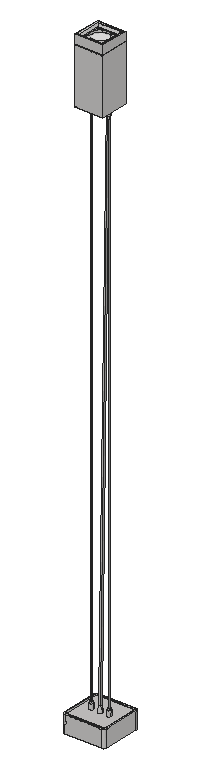
Revit family "CLighting-Luminii-Leto_44_P_LRG", category Lighting Fixtures, host Face, Revit 2020
Family settings
  Host = Face
  Round Connector Dimension = Use Diameter
  Part Type = Normal
  OmniClass Number = 23.80.70.11.14.11
  OmniClass Title = Downlights
  Cut with Voids When Loaded = No
  Light Source = Yes
  Shared = Yes
  Room Calculation Point = No
Parameters (values of type "Leto 44 P LRG")
  Width = 0' - 3 189/256"  # constant formula
  Wattage Comments = "6.5W"
  Wattage = 6.49954 W
  Warranty URL = "https://www.luminii.com/terms-conditions/"
  built-in parameter 1150110 = 1 (stored number, unit not read)
  Voltage Comments = "120V | 277V | 347V"  # constant formula
  Voltage = 120 V
  Version = "2020 - v1.0a"  # constant formula
  URL = "https://www.luminii.com/"
  built-in parameter 1114217 = 1 (stored number, unit not read)
  Tilt Angle = -90.00°  # constant formula
  built-in parameter 1150109 = 1 (stored number, unit not read)
  built-in parameter 1150134 = (empty or 0)
  built-in parameter 1150113 = 1 (stored number, unit not read)
  Support Phone = "224-699-9545"  # constant formula
  Support Email = "mailto:support@bimsmith.com"
  Product Page URL = "https://www.luminii.com/product/leto-44-p-lrg/"
  Power Source Type = "Driver"  # constant formula
  Power Factor = 1
  Photometric Web File = "702-A90-615-35-07-00.ies"
  Phase = 1
  Operating Temperature = "Consult Manufacturer Website for more Information"  # constant formula
  Number of Poles = if(and(or(Voltage = 120 V, Voltage = 277 V), Phase = 1), 1, if(and(or(Voltage = 208 V, Voltage = 240 V), Phase = 1), 2, if(and(or(Voltage = 208 V, Voltage = 240 V), Phase = 3), 3, if(and(Voltage > 300 V, Phase = 1), 2, if(and(Voltage > 400 V, Phase = 3), 3, 1)))))  # 1
  Mounting Method = "Ceiling Mount"  # constant formula
  Model = "702"  # constant formula
  Manufacturer Phone Number = "403-216-7043"  # constant formula
  Manufacturer Email = "mailto: info@sensolighting.com"
  Manufacturer Address = "302 50 Ave SE. Calgary, Alberta, T2G 2A9 Canada"  # constant formula
  Manufacturer = "Luminii"  # constant formula
  built-in parameter 1150105 = 55.704 (stored number, unit not read)
  Lumens = 700 lm
  Luminaire Type = "Pendant LED Downlight"  # constant formula
  built-in parameter 1150115 = 1 (stored number, unit not read)
  Load Classification = Lighting
  built-in parameter 1150137 = (empty or 0)
  built-in parameter 1150139 = (empty or 0)
  Lens Material = Plastic - Luminii - Frosted Lens
  Length [instance] = 0' - 8 169/256"  # constant formula
  built-in parameter 1150112 = 1 (stored number, unit not read)
  built-in parameter 1150114 = 1 (stored number, unit not read)
  Lamp Life = 1
  Lamp = "LED"  # constant formula
  Keynote = "26 50 00"
  built-in parameter 1150132 = 2
  built-in parameter 1150102 = (empty or 0)
  built-in parameter 1150107 = 3500 (stored number, unit not read)
  Initial Color Comments = "Perfomance based on 3500K Photometric Web File"  # constant formula
  built-in parameter 1150138 = (empty or 0)
  built-in parameter 1150106 = 0.55704 (stored number, unit not read)
  Housing Protection Rating = "Consult Manufacturer Website for more Information"  # constant formula
  Has Dimming = 1 = 1  # yes
  Has Battery Backup = 0 = 1  # no
  Frequency Comments = ""  # constant formula
  Frequency = 60 Hz
  Finish = Metal - Luminii - Silver Anodized Aluminum
  Environment = "Indoor"  # constant formula
  built-in parameter 1150104 = 10.006 (stored number, unit not read)
  Dimming Type = "Consult Manufacturer Website for more Information"  # constant formula
  Dimming Lamp Color Temperature Shift = <None>
  Description = "Square pendant"  # constant formula
  Depth = 0' - 3 189/256"  # constant formula
  Default Elevation = 0' - 0"  # constant formula
  Current Amps = 50 A
  Copyright = "©2023 Luminii"  # constant formula
  Control Zone = "Consult Manufacturer Website for more Information"  # constant formula
  Control Type = "Consult Manufacturer Website for more Information"  # constant formula
  Constraints = 1  # constant formula
  Color Filter = 16777215
  built-in parameter 1114216 [instance] = 0  # (empty or 0)
  Canopy Finish = Metal - Luminii - Silver Anodized Aluminum
  built-in parameter 1140040 [instance] = 1 = 1  # 1
  CCT = "3500K"
  C Canopy Offset [instance] = 0' - 2 9/32"  # constant formula
  Desired Cable Length [instance] = 6' - 0"  # constant formula
  built-in parameter 1114218 = 1 (stored number, unit not read)
  built-in parameter 1150133 = 10 (stored number, unit not read)
  Assembly Code = "D5020200"
  Apparent Load = Wattage / Power Factor  # 6.49954 VA
  Actual Cable Length [instance] = if(Desired Cable Length < 1' 0", 1' 0", if(Desired Cable Length > 8' 0", 8' 0", Desired Cable Length))  # 6' - 0"
Reference planes (in)
  plane 1 "Center (Front/Back)": y = 0
  plane 2: z = 0
  plane 3 "Center (Left/Right)": x = 0
  plane 4: x = 0
  plane 5: x = 0
  plane 6: y = 1.86914
  plane 7: y = -1.86914
  plane 8 "B": z = 2.28125
  plane 9 "A": z = 74.28125
  plane 10: z = 82.94141
Forms (in)
  Extrusion 1, solid, material "Metal - Luminii - Silver Anodized Aluminum", not visible
    sketch origin (0, 0, 0) x (1, 0, 0) y (0, 1, 0)
      loop
        circle (0, 0) r 0.5
    from 0 to -0.17225
  Blend 2, solid, material "Metal - Luminii - Silver Anodized Aluminum"
    base sketch origin (0, 0, 2.99287) x (-1, 0, 0) y (0, -1, 0)
      loop
        circle (0, 0) r 0.115
    top sketch origin (0, 0, 2.99287) x (-1, 0, 0) y (0, -1, 0)
      loop
        circle (0, -1.1811) r 0.115
    from 0 to 71.75019
Dimensions and locks (in)
  equal spacing: plane 4, plane 3 "Center (Left/Right)", plane 5
  equal spacing: plane 6, plane 1 "Center (Front/Back)", plane 7
  plane 4 to plane 5 = 0' - 0"
  "Width": plane 6 to plane 7
  "C Canopy Offset": plane 8 "B" to host face
  "Actual Cable Length": plane 9 "A" to plane 8 "B"
  "Length": plane 10 to plane 9 "A"
  locked: plane 10 to imposter light at 0.57739
  aligned and locked: plane 2 to host face
  aligned and locked: plane 3 "Center (Left/Right)" to Extrusion 1 sketch curve
  aligned and locked: plane 1 "Center (Front/Back)" to Extrusion 1 sketch curve
  aligned and locked: plane 2 to Extrusion 1  (x2)
  aligned and locked: imposter light to plane 3 "Center (Left/Right)"
  aligned and locked: imposter light to plane 1 "Center (Front/Back)"
  aligned and locked: plane 3 "Center (Left/Right)" to nested 1
  aligned and locked: plane 1 "Center (Front/Back)" to nested 1
  aligned and locked: plane 3 "Center (Left/Right)" to nested 2
  aligned and locked: nested 2 to plane 1 "Center (Front/Back)"
  aligned and locked: Blend 2 to nested 1
Automatic sketch dimensions
  host sketch curve to host sketch curve = 8' - 0"  (x2)
  radius of Extrusion 1 sketch curve = 0' - 0 1/2"
Nested families (in)
  nested 1: "Nested - Lamp" at (0, 0, 74.28125), type "Nested - Lamp"
  nested 2: "Nested - Canopy" at (0, 0, 0) x (0, 1, 0) z (0, 0, 1), type "Default"
Connectors (in)
  electrical at (0, 0, 0), driven by "Number of Poles", driven by "Load Classification", driven by "Voltage", driven by "Apparent Load", driven by "Power Factor"
    settings: on Extrusion 1, index 1, voltage 120 V, apparent load 6.49954 VA, apparent load phase1 0 VA, apparent load phase2 0 VA, apparent load phase3 0 VA, power factor 1, load classification "Lighting", number of poles 1, system type 30, power factor state 1, is connector primary yes, connector utility no, sub classification motor no, connector description "Power Connection"
Definition of nested family "Nested - Lamp"
  Parameters (values of type "Nested - Lamp")
    Width = 0' - 3.74016"  # constant formula
    Screen Material = none
    Inner Screen = none
    Height = 0' - 6.49606"  # constant formula
    Finish = none
    Default Elevation = 4' - 0"
    Constraint = 3
  Reference planes (in)
    plane 1 "Center (Front/Back)": y = 0
    plane 2: z = 0
    plane 3 "Center (Left/Right)": x = 0
    plane 4: y = 1.87008
    plane 5: y = -1.87008
    plane 6: x = -1.87008
    plane 7: x = 1.87008
  Forms (in)
    Extrusion 1, solid
      sketch origin (0, 0, 0) x (1, 0, 0) y (0, 1, 0)
        loop
          line (-48, 48) -> (-48, -48) -> (48, -48) -> (48, 48) -> (-48, 48)
      from 0 to -12
    Sweep 2, solid, material <- "Finish", detail levels medium+fine
      path origin (-0.03362, 1.25, 6.49606) x (0, 1, 0) y (-1, 0, 0)
        loop
          line (0.62008, -1.9037) -> (0.62008, 1.83645) -> (-3.12008, 1.83645) -> (-3.12008, -1.9037) -> (0.62008, -1.9037)
      profile origin (1.87008, 0, 6.49606) x (1, 0, 0) y (0, 0, 1)
        loop
          line (0, -6.49606) -> (0, 0.88583) -> (-0.07874, 0.88583) -> (-0.07874, 1.00394) -> (0, 1.00394) -> (0, 2.16535) -> (-0.10635, 2.16535) -> (-0.27543, 2.11469) -> (-0.47227, 1.77165) -> (-0.53051, 1.77165) -> (-0.54899, 1.56046)
          arc (-0.54899, 1.56046) -> (-0.57675, 1.53916) -> (-0.60039, 1.56496) r 0.0259
          line (-0.60039, 1.56496) -> (-0.63719, 1.82677) -> (-0.68091, 1.82677) -> (-0.72263, 1.81076) -> (-0.72263, 1.37029) -> (-0.21654, 1.37029) -> (-0.21654, -6.29921) -> (-0.07874, -6.29921) -> (-0.07874, -6.49606) -> (0, -6.49606)
    Extrusion 3, solid, material <- "Screen Material"
      sketch origin (0, 0, 7.9252) x (1, 0, 0) y (0, 1, 0)
        loop
          circle (0, 0) r 1.10584
      from 0.14567 to 0.15757
    Extrusion 4, solid, material <- "Finish"
      sketch origin (1.59205, 1.59205, 8.55315) x (0, -1, 0) y (1, 0, 0)
        loop
          circle (1.59205, -1.59205) r 1.14745
        loop
          line (2.78122, -2.78122) -> (2.78122, -0.40289) -> (0.40289, -0.40289) -> (0.40289, -2.78122) -> (2.78122, -2.78122)
      from -0.48228 to -0.23031
    Extrusion 5, solid, material <- "Finish"
      sketch origin (1.59205, 1.59205, 8.55315) x (0, -1, 0) y (1, 0, 0)
        loop
          circle (1.59205, -1.59205) r 1.14745
      from -0.48228 to -0.62795
    Extrusion 6, solid, material <- "Finish"
      sketch origin (-0.03362, 1.25, 8.28705) x (0, 1, 0) y (-1, 0, 0)
        loop
          line (-3.06102, -1.84465) -> (0.56102, -1.84465) -> (0.56102, 1.7774) -> (-3.06102, 1.7774) -> (-3.06102, -1.84465)
        loop
          line (-2.4311, -0.30922) -> (-1.84055, -0.30922)
          arc (-1.84055, -0.30922) -> (-1.61784, -0.40147) -> (-1.52559, -0.62418) r 0.31496
          line (-1.52559, -0.62418) -> (-1.52559, -1.21473)
          arc (-1.52559, -1.21473) -> (-1.25, -1.49032) -> (-0.97441, -1.21473) r 0.27559
          line (-0.97441, -1.21473) -> (-0.97441, -0.62418)
          arc (-0.97441, -0.62418) -> (-0.88216, -0.40147) -> (-0.65945, -0.30922) r 0.31496
          line (-0.65945, -0.30922) -> (-0.0689, -0.30922)
          arc (-0.0689, -0.30922) -> (0.20669, -0.03362) -> (-0.0689, 0.24197) r 0.27559
          line (-0.0689, 0.24197) -> (-0.65945, 0.24197)
          arc (-0.65945, 0.24197) -> (-0.88216, 0.33422) -> (-0.97441, 0.55693) r 0.31496
          line (-0.97441, 0.55693) -> (-0.97441, 1.14748)
          arc (-0.97441, 1.14748) -> (-1.25, 1.42307) -> (-1.52559, 1.14748) r 0.27559
          line (-1.52559, 1.14748) -> (-1.52559, 0.55693)
          arc (-1.52559, 0.55693) -> (-1.61784, 0.33422) -> (-1.84055, 0.24197) r 0.31496
          line (-1.84055, 0.24197) -> (-2.4311, 0.24197)
          arc (-2.4311, 0.24197) -> (-2.70669, -0.03362) -> (-2.4311, -0.30922) r 0.27559
      from -8.1649 to -8.0902
    Extrusion 7, solid, material <- "Finish"
      sketch origin (-0.03362, 1.25, 8.28705) x (0, 1, 0) y (-1, 0, 0)
        loop
          line (-3.06102, -1.84465) -> (0.56102, -1.84465) -> (0.56102, 1.7774) -> (-3.06102, 1.7774) -> (-3.06102, -1.84465)
        loop
          arc (-0.48507, -0.44078) -> (-0.38346, -0.03362) -> (-0.48507, 0.37353) r 0.86654
          arc (-0.48507, 0.37353) -> (-0.58858, 0.40015) -> (-0.62431, 0.29942) r 0.07918
          arc (-0.62431, 0.29942) -> (-0.5412, -0.03362) -> (-0.62431, -0.36667) r 0.7088
          arc (-0.62431, -0.36667) -> (-0.58858, -0.4674) -> (-0.48507, -0.44078) r 0.07918
        loop
          arc (-2.01493, -0.44078) -> (-1.91142, -0.4674) -> (-1.87569, -0.36667) r 0.07918
          arc (-1.87569, -0.36667) -> (-1.9588, -0.03362) -> (-1.87569, 0.29942) r 0.7088
          arc (-1.87569, 0.29942) -> (-1.91142, 0.40015) -> (-2.01493, 0.37353) r 0.07918
          arc (-2.01493, 0.37353) -> (-2.11654, -0.03362) -> (-2.01493, -0.44078) r 0.86654
        loop
          arc (-1.65716, 0.73131) -> (-1.68378, 0.62779) -> (-1.58304, 0.59206) r 0.07918
          arc (-1.58304, 0.59206) -> (-1.25, 0.67518) -> (-0.91696, 0.59206) r 0.7088
          arc (-0.91696, 0.59206) -> (-0.81622, 0.62779) -> (-0.84284, 0.73131) r 0.07918
          arc (-0.84284, 0.73131) -> (-1.25, 0.83292) -> (-1.65716, 0.73131) r 0.86654
        loop
          arc (-1.65716, -0.79856) -> (-1.25, -0.90017) -> (-0.84284, -0.79856) r 0.86654
          arc (-0.84284, -0.79856) -> (-0.81622, -0.69504) -> (-0.91696, -0.65931) r 0.07918
          arc (-0.91696, -0.65931) -> (-1.25, -0.74243) -> (-1.58304, -0.65931) r 0.7088
          arc (-1.58304, -0.65931) -> (-1.68378, -0.69504) -> (-1.65716, -0.79856) r 0.07918
      from -7.77524 to -7.71544
    Revolve 8, solid
      sketch origin (0, 0, 0) x (1, 0, 0) y (0, 0, 1)
        loop
          line (-1.17126, -1.14219) -> (-1.0627, -1.14219) -> (-1.0627, -0.70819) -> (-0.97426, -0.70819) -> (-0.97426, 0.51181) -> (-1.17126, 0.51181) -> (-1.17126, -1.14219)
        axis (-1.17126, -1.14219) -> (-1.17126, 0.51181)
      angle from 0 to 360
    Revolve 9, solid
      sketch origin (0, 0, 0) x (-1, 0, 0) y (0, 0, 1)
        loop
          line (-1.17126, -1.14219) -> (-1.0627, -1.14219) -> (-1.0627, -0.70819) -> (-0.97426, -0.70819) -> (-0.97426, 0.51181) -> (-1.17126, 0.51181) -> (-1.17126, -1.14219)
        axis (-1.17126, -1.14219) -> (-1.17126, 0.51181)
      angle from 0 to 360
    Sweep 10, solid, material <- "Finish", detail levels coarse
      path origin (-0.03362, 1.25, 6.49606) x (0, 1, 0) y (-1, 0, 0)
        loop
          line (0.62008, -1.9037) -> (0.62008, 1.83645) -> (-3.12008, 1.83645) -> (-3.12008, -1.9037) -> (0.62008, -1.9037)
      profile origin (1.87008, 0, 6.49606) x (1, 0, 0) y (0, 0, 1)
        loop
          line (0, -6.49606) -> (0, 2.16535) -> (-0.10635, 2.16535) -> (-0.68091, 1.99317) -> (-0.68091, 1.37029) -> (-0.21654, 1.37029) -> (-0.21654, -6.29921) -> (-0.07874, -6.29921) -> (-0.07874, -6.49606) -> (0, -6.49606)
    Extrusion 11, solid
      sketch origin (-0.03362, 1.25, 0.51181) x (-1, 0, 0) y (0, 1, 0)
        loop
          circle (-0.03362, -0.0689) r 0.23
      from 0 to 0.05
  Dimensions and locks (in)
    equal spacing: plane 4, plane 1 "Center (Front/Back)", plane 5
    "Width": plane 4 to plane 5
    equal spacing: plane 6, plane 3 "Center (Left/Right)", plane 7
    "Width": plane 6 to plane 7
    aligned and locked: plane 2 to Extrusion 1
    aligned and locked: level to Extrusion 1
    aligned and locked: Sweep 2 sketch curve to plane 7
    aligned and locked: plane 6 to Sweep 2 sketch curve
    aligned and locked: Sweep 2 sketch curve to plane 4
    aligned and locked: plane 5 to Sweep 2 sketch curve
  Automatic sketch dimensions
    Extrusion 1 sketch curve to Extrusion 1 sketch curve = 8' - 0"  (x2)
    plane 1 "Center (Front/Back)" to Extrusion 3 sketch curve = 0' - 0"
    Extrusion 3 sketch curve to plane 3 "Center (Left/Right)" = 0' - 0"
    plane 1 "Center (Front/Back)" to Extrusion 4 sketch curve = 0' - 0"
    Extrusion 4 sketch curve to plane 3 "Center (Left/Right)" = 0' - 0"
    Extrusion 4 sketch curve to plane 4 = 0' - 0.68091"
    Extrusion 4 sketch curve to plane 5 = 0' - 0.68091"
    Extrusion 4 sketch curve to plane 6 = 0' - 0.68091"
    Extrusion 4 sketch curve to plane 7 = 0' - 0.68091"
    plane 1 "Center (Front/Back)" to Extrusion 5 sketch curve = 0' - 0"
    Extrusion 5 sketch curve to plane 3 "Center (Left/Right)" = 0' - 0"
    Extrusion 6 sketch curve to plane 3 "Center (Left/Right)" = 0' - 0"  (x2)
    plane 1 "Center (Front/Back)" to Extrusion 6 sketch curve = 0' - 0"  (x2)
    plane 1 "Center (Front/Back)" to Extrusion 6 sketch curve = 0' - 0.27559"  (x2)
    Extrusion 6 sketch curve to Extrusion 6 sketch curve = 0' - 0.31496"  (x4)
    plane 3 "Center (Left/Right)" to Extrusion 6 sketch curve = 0' - 0.27559"
    Extrusion 6 sketch curve to Extrusion 6 sketch curve = 0' - 0.59055"  (x4)
    Extrusion 6 sketch curve to plane 5 = 0' - 0.05906"
    Extrusion 6 sketch curve to plane 3 "Center (Left/Right)" = 0' - 0.27559"
    Extrusion 6 sketch curve to plane 4 = 0' - 0.05906"
    Extrusion 6 sketch curve to plane 7 = 0' - 0.05906"
    Extrusion 6 sketch curve to plane 6 = 0' - 0.05906"
    Extrusion 7 sketch curve to Extrusion 7 sketch curve = 0' - 0"  (x58)
    plane 1 "Center (Front/Back)" to Extrusion 7 sketch curve = 0' - 0"
    Extrusion 7 sketch curve to plane 3 "Center (Left/Right)" = 0' - 0"
    plane 1 "Center (Front/Back)" to Extrusion 7 sketch curve = 0' - 0.36388"  (x2)
    Extrusion 7 sketch curve to Extrusion 7 sketch curve = 0' - 0.33475"  (x8)
    Extrusion 7 sketch curve to plane 5 = 0' - 0.05906"
    Extrusion 7 sketch curve to plane 1 "Center (Front/Back)" = 0' - 0.36388"  (x2)
    plane 3 "Center (Left/Right)" to Extrusion 7 sketch curve = 0' - 0.36388"  (x2)
    Extrusion 7 sketch curve to plane 4 = 0' - 0.05906"
    Extrusion 7 sketch curve to plane 7 = 0' - 0.05906"
    Extrusion 7 sketch curve to plane 3 "Center (Left/Right)" = 0' - 0.36388"  (x2)
    Extrusion 7 sketch curve to plane 6 = 0' - 0.05906"
    Extrusion 7 sketch curve to Extrusion 7 sketch curve = 0' - 0.03084"  (x4)
    Extrusion 7 sketch curve to Extrusion 7 sketch curve = 0' - 0.04328"  (x4)
    Extrusion 7 sketch curve to Extrusion 7 sketch curve = 0' - 0.07293"  (x6)
    Extrusion 7 sketch curve to Extrusion 7 sketch curve = 0' - 0.06631"  (x2)
    Revolve 8 sketch curve to plane 6 = 0' - 0.69882"
    Revolve 8 sketch curve to Revolve 8 sketch curve = 0' - 0.10856"
    Revolve 8 sketch curve to Revolve 8 sketch curve = 0' - 0.197"
    Revolve 8 sketch curve to level = 0' - 1.14219"
    Revolve 8 sketch curve to Revolve 8 sketch curve = 0' - 0.434"
    level to Revolve 8 sketch curve = 0' - 0.51181"
    Revolve 8 sketch curve to Revolve 8 sketch curve = 0' - 0"  (x2)
    Revolve 8 sketch curve to Revolve 8 sketch curve = 0' - 0.81454"
    plane 7 to Revolve 9 sketch curve = 0' - 0.69882"
    Revolve 9 sketch curve to Revolve 9 sketch curve = 0' - 0.10856"
    Revolve 9 sketch curve to Revolve 9 sketch curve = 0' - 0.197"
    level to Revolve 9 sketch curve = 0' - 1.14219"
    Revolve 9 sketch curve to Revolve 9 sketch curve = 0' - 0.434"
    Revolve 9 sketch curve to level = 0' - 0.51181"
    Revolve 9 sketch curve to Revolve 9 sketch curve = 0' - 0"  (x2)
    Revolve 9 sketch curve to Revolve 9 sketch curve = 0' - 0.81454"
    plane 5 to Sweep 10 sketch curve = 0' - 0"
    Sweep 10 sketch curve to plane 4 = 0' - 0"
    Sweep 10 sketch curve to plane 7 = 0' - 0"
    Sweep 10 sketch curve to plane 6 = 0' - 0"
    profile plane to Sweep 2 sketch curve = 0' - 0"  (x2)
    Sweep 2 sketch curve to Sweep 2 sketch curve = 0' - 0.07874"  (x2)
    profile plane to Sweep 2 sketch curve = 0' - 0.21654"
    profile plane to Sweep 2 sketch curve = 0' - 0.27543"
    Sweep 2 sketch curve to Sweep 2 sketch curve = 0' - 0.19684"
    Sweep 2 sketch curve to Sweep 2 sketch curve = 0' - 0.05825"
    Sweep 2 sketch curve to Sweep 2 sketch curve = 0' - 0.01848"
    Sweep 2 sketch curve to Sweep 2 sketch curve = 0' - 0.0255"
    Sweep 2 sketch curve to Sweep 2 sketch curve = 0' - 0.0259"
    Sweep 2 sketch curve to Sweep 2 sketch curve = 0' - 0.10667"
    Sweep 2 sketch curve to Sweep 2 sketch curve = 0' - 0.04373"
    Sweep 2 sketch curve to Sweep 2 sketch curve = 0' - 0.05512"
    Sweep 2 sketch curve to Sweep 2 sketch curve = 0' - 0.20669"
    Sweep 2 sketch curve to Sweep 2 sketch curve = 0' - 0.19017"
    Sweep 2 sketch curve to Sweep 2 sketch curve = 0' - 0.36636"
    Sweep 2 sketch curve to Sweep 2 sketch curve = 0' - 0.11811"
    Sweep 2 sketch curve to Sweep 2 sketch curve = 0' - 7.18504"
    Sweep 2 sketch curve to Sweep 2 sketch curve = 0' - 0.19685"
    Sweep 2 sketch curve to Sweep 2 sketch curve = 0' - 0.10635"
    Sweep 2 sketch curve to Sweep 2 sketch curve = 0' - 0.12224"
    profile plane to Sweep 10 sketch curve = 0' - 0"
    Sweep 10 sketch curve to Sweep 10 sketch curve = 0' - 0.07874"
    Sweep 10 sketch curve to Sweep 10 sketch curve = 0' - 0.1378"
    Sweep 10 sketch curve to Sweep 10 sketch curve = 0' - 7.66951"
    Sweep 10 sketch curve to Sweep 10 sketch curve = 0' - 0.19685"
    Sweep 10 sketch curve to Sweep 10 sketch curve = 0' - 0.10635"
    Sweep 10 sketch curve to Sweep 10 sketch curve = 0' - 0.46438"
    Sweep 10 sketch curve to Sweep 10 sketch curve = 0' - 0.62288"
    Extrusion 7 to Extrusion 11 sketch curve = 0' - 0.62992"
    Extrusion 7 to Extrusion 11 sketch curve = 0' - 1.81102"
    profile plane to Sweep 2 sketch curve = 0' - 2.16535"
    profile plane to Sweep 2 sketch curve = 0' - 2.11469"
    profile plane to Sweep 2 sketch curve = 0' - 1.82677"
    Sweep 2 sketch curve to Sweep 2 sketch curve = 0' - 0.01601"
    profile plane to Sweep 10 sketch curve = 0' - 2.16535"
    profile plane to Sweep 10 sketch curve = 0' - 1.99317"
    radius of Extrusion 3 sketch curve = 0' - 1.10584"
    radius of Extrusion 4 sketch curve = 0' - 1.14745"
    radius of Extrusion 5 sketch curve = 0' - 1.14745"
    radius of Extrusion 11 sketch curve = 0' - 0.23"
Definition of nested family "Nested - Canopy"
  Parameters (values of type "Default")
    Square Canopy = no
    Round Canopy = yes
    Finish = none
    Feed Cable = 0' - 0.23"  # constant formula
    Default Elevation = 0' - 0"
    Cable Length = 6' - 0"
    Base = 0' - 5.67117"
    Aircraft Cable = 0' - 0.05"  # constant formula
  Reference planes (in)
    plane 1 "Center (Front/Back)": y = 0
    plane 2: z = 0
    plane 3 "Center (Left/Right)": x = 0
    plane 4: z = 74.28346
    plane 5: z = 2.28346
    plane 6: x = 2.83559
    plane 7: x = -2.83559
    plane 8: y = -2.83559
    plane 9: y = 2.83559
  Forms (in)
    Sweep 1, solid, material <- "Finish", detail levels medium+fine
      path origin (0, 0, 0) x (1, 0, 0) y (0, 1, 0)
        loop
          arc (-2.41835, 2.83559) -> (-2.71338, 2.71338) -> (-2.83559, 2.41835) r 0.41723
          line (-2.83559, 2.41835) -> (-2.83559, -2.41878)
          arc (-2.83559, -2.41878) -> (-2.71351, -2.71351) -> (-2.41878, -2.83559) r 0.4168
          line (-2.41878, -2.83559) -> (2.41578, -2.83559)
          arc (2.41578, -2.83559) -> (2.71263, -2.71263) -> (2.83559, -2.41578) r 0.41981
          line (2.83559, -2.41578) -> (2.83559, 2.41269)
          arc (2.83559, 2.41269) -> (2.71172, 2.71172) -> (2.41269, 2.83559) r 0.42289
          line (2.41269, 2.83559) -> (-2.41835, 2.83559)
      profile origin (-0.00283, 2.83559, 0) x (0, 1, 0) y (0, 0, 1)
        loop
          line (0, 0) -> (-0.07854, 2.24916)
          arc (-0.07854, 2.24916) -> (-0.08859, 2.27342) -> (-0.11284, 2.28346) r 0.0343
          line (-0.11284, 2.28346) -> (-0.22278, 2.28346) -> (-0.22278, 0) -> (0, 0)
    Extrusion 2, solid, material <- "Finish", detail levels medium+fine
      sketch origin (0, 0, 0) x (1, 0, 0) y (0, 1, 0)
        loop
          arc (-2.41835, 2.6128) -> (-2.55585, 2.55585) -> (-2.6128, 2.41835) r 0.19445
          line (-2.6128, 2.41835) -> (-2.6128, -2.41878)
          arc (-2.6128, -2.41878) -> (-2.55597, -2.55597) -> (-2.41878, -2.6128) r 0.19402
          line (-2.41878, -2.6128) -> (2.41578, -2.6128)
          arc (2.41578, -2.6128) -> (2.55509, -2.55509) -> (2.6128, -2.41578) r 0.19702
          line (2.6128, -2.41578) -> (2.6128, 2.41269)
          arc (2.6128, 2.41269) -> (2.55419, 2.55419) -> (2.41269, 2.6128) r 0.20011
          line (2.41269, 2.6128) -> (-2.41835, 2.6128)
      from 0 to 2.20472
    Revolve 3, solid, detail levels medium+fine
      sketch origin (0, -0.60039, 0) x (0, 1, 0) y (0, 0, 1)
        loop
          line (2.02756, 2.20472) -> (2.02756, 2.80697) -> (1.93924, 2.80697) -> (1.93924, 3.00382) -> (1.77165, 3.00382) -> (1.77165, 2.20472) -> (2.02756, 2.20472)
        axis (1.77165, 2.20472) -> (1.77165, 3.00382)
      angle from 0 to 360
    Revolve 4, solid, detail levels medium+fine
      sketch origin (0, 0.60039, 0) x (0, -1, 0) y (0, 0, 1)
        loop
          line (2.02756, 2.20472) -> (2.02756, 2.80697) -> (1.93924, 2.80697) -> (1.93924, 3.00382) -> (1.77165, 3.00382) -> (1.77165, 2.20472) -> (2.02756, 2.20472)
        axis (1.77165, 2.20472) -> (1.77165, 3.00382)
      angle from 0 to 360
    Revolve 5, solid, detail levels medium+fine
      sketch origin (0, 0, 0) x (0, 1, 0) y (0, 0, 1)
        loop
          line (0, 2.99287) -> (0, 2.20472) -> (0.29574, 2.20472) -> (0.17677, 2.99287) -> (0, 2.99287)
        axis (0, 2.99287) -> (0, 2.20472)
      angle from 0 to 360
    Extrusion 6, solid, material <- "Finish", detail levels coarse
      sketch origin (0, 0, 0) x (1, 0, 0) y (0, 1, 0)
        loop
          line (-2.83559, 2.83559) -> (-2.83559, -2.83559) -> (2.83559, -2.83559) -> (2.83559, 2.83559) -> (-2.83559, 2.83559)
      from 0 to 2.28346
    Revolve 7, solid, detail levels coarse
      sketch origin (0, -0.60039, 0) x (0, 1, 0) y (0, 0, 1)
        loop
          line (2.02756, 2.28346) -> (2.02756, 2.80697) -> (1.93924, 2.80697) -> (1.93924, 3.00382) -> (1.77165, 3.00382) -> (1.77165, 2.28346) -> (2.02756, 2.28346)
        axis (1.77165, 2.28346) -> (1.77165, 3.00382)
      angle from 0 to 360
    Revolve 8, solid, detail levels coarse
      sketch origin (0, 0.60039, 0) x (0, -1, 0) y (0, 0, 1)
        loop
          line (2.02756, 2.28346) -> (2.02756, 2.80697) -> (1.93924, 2.80697) -> (1.93924, 3.00382) -> (1.77165, 3.00382) -> (1.77165, 2.28346) -> (2.02756, 2.28346)
        axis (1.77165, 2.28346) -> (1.77165, 3.00382)
      angle from 0 to 360
    Revolve 9, solid, detail levels coarse
      sketch origin (0, 0, 0) x (0, 1, 0) y (0, 0, 1)
        loop
          line (0, 2.99287) -> (0, 2.28346) -> (0.28386, 2.28346) -> (0.17677, 2.99287) -> (0, 2.99287)
        axis (0, 2.99287) -> (0, 2.28346)
      angle from 0 to 360
    Extrusion 10, solid
      sketch origin (0, 0, 0) x (1, 0, 0) y (0, 1, 0)
        loop
          circle (0, 1.17126) r 0.025
        loop
          circle (0, -1.17126) r 0.025
      from 3.00382 to 74.28346
  Dimensions and locks (in)
    "Cable Length": plane 5 to plane 4
    equal spacing: plane 7, plane 3 "Center (Left/Right)", plane 6
    equal spacing: plane 9, plane 1 "Center (Front/Back)", plane 8
    "Base": plane 9 to plane 8
    "Base": plane 7 to plane 6
    aligned and locked: plane 2 to level
    aligned and locked: Sweep 1 sketch curve to plane 9
    aligned and locked: Sweep 1 sketch curve to plane 7
    aligned and locked: Sweep 1 sketch curve to plane 8
    aligned and locked: Sweep 1 sketch curve to plane 6
    aligned and locked: Extrusion 6 sketch curve to plane 9
    aligned and locked: Extrusion 6 sketch curve to plane 7
    aligned and locked: Extrusion 6 sketch curve to plane 8
    aligned and locked: Extrusion 6 sketch curve to plane 6
    aligned and locked: Extrusion 10 to Revolve 3
    aligned and locked: plane 4 to Extrusion 10
  Automatic sketch dimensions
    Sweep 1 sketch curve to plane 7 = 0' - 0.4168"
    Sweep 1 sketch curve to plane 7 = 0' - 0.41723"
    Sweep 1 sketch curve to Sweep 1 sketch curve = 0' - 0.42289"
    Sweep 1 sketch curve to plane 6 = 0' - 0.41981"
    Sweep 1 sketch curve to level = 0' - 0"
    Sweep 1 sketch curve to profile plane = 0' - 0"
    profile plane to Sweep 1 sketch curve = 0' - 0.07854"
    Sweep 1 sketch curve to Sweep 1 sketch curve = 0' - 0.0343"
    profile plane to Sweep 1 sketch curve = 0' - 0.22278"
    level to Sweep 1 sketch curve = 0' - 2.24916"
    Extrusion 2 sketch curve to plane 7 = 0' - 0.22278"
    Extrusion 2 sketch curve to plane 8 = 0' - 0.22278"
    Extrusion 2 sketch curve to Extrusion 2 sketch curve = 0' - 0.19402"
    Extrusion 2 sketch curve to plane 9 = 0' - 0.22278"
    Extrusion 2 sketch curve to Extrusion 2 sketch curve = 0' - 0.19445"
    Extrusion 2 sketch curve to plane 6 = 0' - 0.42289"
    Extrusion 2 sketch curve to plane 6 = 0' - 0.41981"
    Extrusion 2 sketch curve to Extrusion 2 sketch curve = 0' - 0.19702"
    plane 5 to Revolve 3 sketch curve = 0' - 0.07874"
    Revolve 3 sketch curve to plane 9 = 0' - 1.66433"
    Revolve 3 sketch curve to Revolve 3 sketch curve = 0' - 0.16759"
    Revolve 3 sketch curve to Revolve 3 sketch curve = 0' - 0.08831"
    Revolve 3 sketch curve to plane 5 = 0' - 0.5235"
    Revolve 3 sketch curve to Revolve 3 sketch curve = 0' - 0.19685"
    Revolve 3 sketch curve to Revolve 3 sketch curve = 0' - 0"  (x2)
    Revolve 3 sketch curve to Revolve 3 sketch curve = 0' - 0.11398"
    Revolve 4 sketch curve to plane 5 = 0' - 0.07874"
    plane 8 to Revolve 4 sketch curve = 0' - 1.66433"
    Revolve 4 sketch curve to Revolve 4 sketch curve = 0' - 0.16759"
    Revolve 4 sketch curve to Revolve 4 sketch curve = 0' - 0.08831"
    plane 5 to Revolve 4 sketch curve = 0' - 0.5235"
    Revolve 4 sketch curve to Revolve 4 sketch curve = 0' - 0.19685"
    Revolve 4 sketch curve to Revolve 4 sketch curve = 0' - 0"  (x2)
    Revolve 4 sketch curve to Revolve 4 sketch curve = 0' - 0.11398"
    Revolve 5 sketch curve to plane 1 "Center (Front/Back)" = 0' - 0"  (x2)
    Revolve 5 sketch curve to Revolve 5 sketch curve = 0' - 0.17677"
    plane 5 to Revolve 5 sketch curve = 0' - 0.07874"
    Revolve 5 sketch curve to plane 1 "Center (Front/Back)" = 0' - 0.29574"
    Revolve 5 sketch curve to plane 5 = 0' - 0.70941"
    Revolve 5 sketch curve to Revolve 5 sketch curve = 0' - 0.15349"
    Revolve 5 sketch curve to Revolve 5 sketch curve = 0' - 0 1/4"
    plane 5 to Revolve 7 sketch curve = 0' - 0"
    Revolve 7 sketch curve to plane 9 = 0' - 1.66433"
    Revolve 7 sketch curve to Revolve 7 sketch curve = 0' - 0.16759"
    Revolve 7 sketch curve to Revolve 7 sketch curve = 0' - 0.08831"
    Revolve 7 sketch curve to plane 5 = 0' - 0.5235"
    Revolve 7 sketch curve to Revolve 7 sketch curve = 0' - 0.19685"
    Revolve 7 sketch curve to Revolve 7 sketch curve = 0' - 0"  (x2)
    Revolve 7 sketch curve to Revolve 7 sketch curve = 0' - 0.11398"
    Revolve 9 sketch curve to plane 1 "Center (Front/Back)" = 0' - 0"  (x2)
    plane 5 to Revolve 9 sketch curve = 0' - 0"
    Revolve 9 sketch curve to Revolve 9 sketch curve = 0' - 0.17677"
    Revolve 9 sketch curve to plane 1 "Center (Front/Back)" = 0' - 0.28386"
    Revolve 9 sketch curve to Revolve 9 sketch curve = 0' - 0.70941"
    Revolve 9 sketch curve to Revolve 9 sketch curve = 0' - 0.15349"
    Revolve 9 sketch curve to Revolve 9 sketch curve = 0' - 0 1/4"
    plane 5 to Revolve 8 sketch curve = 0' - 0"
    plane 8 to Revolve 8 sketch curve = 0' - 1.66433"
    Revolve 8 sketch curve to Revolve 8 sketch curve = 0' - 0.16759"
    Revolve 8 sketch curve to Revolve 8 sketch curve = 0' - 0.08831"
    Revolve 8 sketch curve to Revolve 8 sketch curve = 0' - 0.5235"
    Revolve 8 sketch curve to Revolve 8 sketch curve = 0' - 0.19685"
    Revolve 8 sketch curve to Revolve 8 sketch curve = 0' - 0"  (x2)
    Revolve 8 sketch curve to Revolve 8 sketch curve = 0' - 0.11398"
    Extrusion 10 sketch curve to plane 3 "Center (Left/Right)" = 0' - 0"  (x2)
    Extrusion 10 sketch curve to plane 8 = 0' - 1.66433"
    Extrusion 10 sketch curve to plane 9 = 0' - 1.66433"
    radius of Extrusion 10 sketch curve = 0' - 0.025"  (x2)
